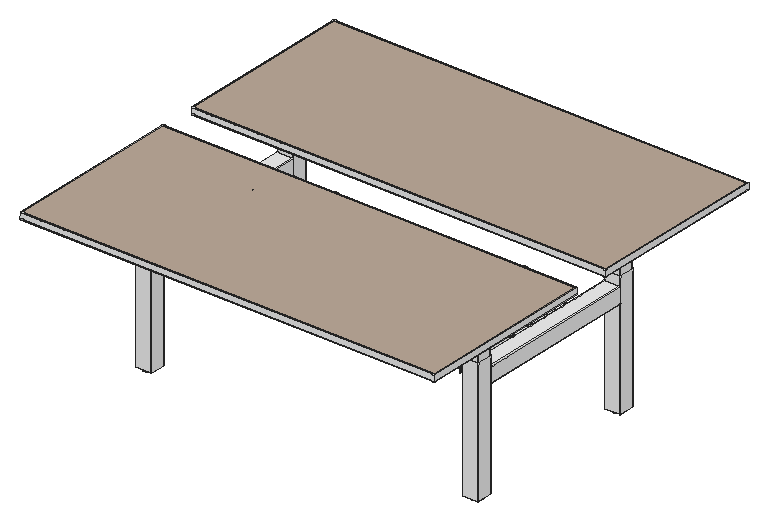
Revit family "T200023", category Furniture, Revit 2022
Family settings
  OmniClass Number = 23.40.20.00
  OmniClass Title = General Furniture and Specialties
  Work Plane-Based = No
  Always vertical = No
  Cut with Voids When Loaded = No
  Render Appearance Source = Family Geometry
  Shared = No
  Room Calculation Point = No
Parameters (values of type "T200023")
  URL = "https://ofs.com/"
  Manufacturer = "OFS"
  Description = "OFS TYPICAL T2000023"
  Default Elevation = 0"
  Copyright © = "©OFS 2021"
  Catalog = "https://ofs.com/2020-experience"
  Authoring Version = "Autodesk Revit Architecture 2015"
  Assembly Code = "E2020400"
Reference planes (in)
  plane 1 "Center Front/Back": y = 0
  plane 2: z = 0
  plane 3 "Center Left/Right": x = 0
Dimensions and locks (in)
  aligned and locked: level to plane 2
Nested families (in)
  nested 1: "OFS ELEMENT OPEN L DESK LEFT AND RIGHT 84in Width 60in Return" at (102, 18.84375, 84), type "ELEMENT OPEN L DESK LEFT RETURN 84in Width 60in Return"
    with Right Desk Ovelay no, Left Desk Overlay no, Desk Overlay Option yes
  nested 2: "STAKS BENCHING WIRE MANAGER BASKET Channel for Heavy Cabling" at (-26.94148, 9.01732, -1.10726) x (-1, 0, 0) z (0, 0, 1), type "STAKS BENCHING WIRE MANAGER BASKET Channel for Heavy Cabling 45in Width"
  nested 3: "OFS RANGE END CAP" at (-37.75, 0, 0) x (0, 1, 0) z (0, 0, 1), type "END CAP"
  nested 4: "OFS RANGE END CAP" at (37.75, 0, 0) x (0, -1, 0) z (0, 0, 1), type "END CAP"
  nested 5: "OFS RANGE HEIGHT ADJUSTABLE BENCH KIT" at (0, 12, 0), type "HEIGHT ADJUSTABLE BENCH KIT 72W"
    with Height 27 7/8"
  nested 6: "OFS RANGE CABLE CARRIER" at (0, 12, -23.375), type "CABLE CARRIER 72W"
  nested 7: "OFS RANGE 30D RECTANGULAR TOP" at (0, 33.0625, 0), type "30D RECTANGULAR TOP 70W"
  nested 8: "OFS RANGE 30D RECTANGULAR TOP" at (0, -3.0625, 0), type "30D RECTANGULAR TOP 70W"
  nested 9: "STAKS BENCHING WIRE MANAGER BASKET Channel for Heavy Cabling" at (-26.88954, -11.23152, -1.10776) x (-1, 0, 0) z (0, 0, 1), type "STAKS BENCHING WIRE MANAGER BASKET Channel for Heavy Cabling 45in Width"
Definition of nested family "STAKS BENCHING WIRE MANAGER BASKET Channel for Heavy Cabling"
  Parameters (values of type "STAKS BENCHING WIRE MANAGER BASKET Channel for Heavy Cabling 45in Width")
    URL = "http://www.ofs.com/"
    RIB L = 16
    Model = "WBT45H"
    Manufacturer = "OFS"
    Description = "OFS STAKS BENCHING WIRE MANAGER BASKET Channel for Heavy Cabling 45\" Width"
    Default Elevation = 0"
    Copyright © = "© 2018 OFS"
    Catalog = "https://ofs.com/products/open-plan/benching/staks"
    Basket Mount Material = none
    Basket Material = none
    BASKET WIDTH = 45 1/8"
    Authoring Version = "Autodesk Revit Architecture 2013"
    Assembly Code = "E2020200"
  Types (2): name | Model | Description | BASKET WIDTH
    STAKS BENCHING WIRE MANAGER BASKET Channel for Heavy Cabling 45in Width | "WBT45H" | "OFS STAKS BENCHING WIRE MANAGER BASKET Channel for Heavy Cabling 45\" Width" | 45 1/8"
    STAKS BENCHING WIRE MANAGER BASKET Channel for Heavy Cabling 57in Width | "WBT57H" | "OFS STAKS BENCHING WIRE MANAGER BASKET Channel for Heavy Cabling 57\" Width" | 57 1/8"
  Reference planes (in)
    plane 1: z = 0
    plane 2 "Center (Front/Back)": y = 20.00035
    plane 3 "RIB TOP": z = 18.4165
    plane 4 "CENTER LEFT/RIGHT": x = -26.90726
    plane 5: x = -4.34476
    plane 6 "LEFT": x = -49.46976
    plane 7: x = -4.42376
    plane 8: z = 20.9375
    plane 9: z = 16.7585
    plane 10: x = -49.39076
    plane 11: y = 21.35535
    plane 12: y = 18.64535
    plane 13: z = 18.3375
    plane 14: z = 17.5875
    plane 15: z = 16.9955
    plane 16: x = -26.90726
    plane 17: z = 16.9165
    plane 18: z = 16.729
    plane 19: x = -42.96976
    plane 20: z = 17.104
    plane 21: x = -10.84476
  Forms (in)
    Extrusion 1, solid, material <- "Basket Material"
      sketch origin (-48.09826, -5.263, -5.3325) x (0, 1, 0) y (0, 0, 1)
        loop
          circle (25.26335, 22.012) r 0.079
      from -1.3715 to 43.7535
    Extrusion 2, solid, material <- "Basket Material"
      sketch origin (-48.09826, -6.46899, -4.2499) x (0, 1, 0) y (0, 0, 1)
        loop
          circle (25.26335, 22.012) r 0.079
      from -1.3715 to 43.7535
    Extrusion 3, solid, material <- "Basket Material"
      sketch origin (-48.09826, 46.46969, -4.2499) x (0, -1, 0) y (0, 0, -1)
        loop
          circle (25.26335, -22.012) r 0.079
      from -1.3715 to 43.7535
    Extrusion 4, solid, not visible
      sketch origin (0, 0, 0) x (1, 0, 0) y (0, 1, 0)
        loop
          line (-43.07558, 21.13572) -> (-43.07558, 19.79197)
          arc (-43.07558, 19.79197) -> (-42.88767, 19.60407) -> (-42.69977, 19.79197) r 0.1879
          line (-42.69977, 19.79197) -> (-42.69977, 21.13572) -> (-43.07558, 21.13572)
      from 16.7585 to 20.9375
    Extrusion 5, void
      sketch origin (-49.46976, 0, 0) x (0, 1, 0) y (0, 0, 1)
        loop
          line (21.13572, 20.9375) -> (20.88572, 20.9375)
          arc (20.88572, 20.9375) -> (21.0625, 20.86428) -> (21.13572, 20.6875) r 0.25
          line (21.13572, 20.6875) -> (21.13572, 20.9375)
        loop
          line (21.13572, 16.7585) -> (21.13572, 17.0085)
          arc (21.13572, 17.0085) -> (21.0625, 16.83172) -> (20.88572, 16.7585) r 0.25
          line (20.88572, 16.7585) -> (21.13572, 16.7585)
      from 0 to 45.046
    Extrusion 6, solid, not visible
      sketch origin (-53.81451, 0, 0) x (-1, 0, 0) y (0, -1, 0)
        loop
          line (-43.07558, -21.13572) -> (-42.69977, -21.13572) -> (-42.69977, -19.79197)
          arc (-42.69977, -19.79197) -> (-42.88767, -19.60407) -> (-43.07558, -19.79197) r 0.1879
          line (-43.07558, -19.79197) -> (-43.07558, -21.13572)
      from 16.7585 to 20.9375
    Sweep 7, solid, material <- "Basket Mount Material"
      path in 3D
        loop
          line (-43.07558, 19.79197, 16.7585) -> (-43.07558, 20.88572, 16.7585)
          arc (-43.07558, 20.88572, 16.7585) -> (-43.07558, 21.0625, 16.83172) -> (-43.07558, 21.13572, 17.0085) r 0.25
          line (-43.07558, 21.13572, 17.0085) -> (-43.07558, 21.13572, 20.6875)
          arc (-43.07558, 21.13572, 20.6875) -> (-43.07558, 21.0625, 20.86428) -> (-43.07558, 20.88572, 20.9375) r 0.25
          line (-43.07558, 20.88572, 20.9375) -> (-43.07558, 19.79197, 20.9375)
          arc (-43.07558, 19.79197, 20.9375) -> (-42.88767, 19.60407, 20.9375) -> (-42.69977, 19.79197, 20.9375) r 0.1879
          line (-42.69977, 19.79197, 20.9375) -> (-42.69977, 20.88572, 20.9375)
          arc (-42.69977, 20.88572, 20.9375) -> (-42.69977, 21.0625, 20.86428) -> (-42.69977, 21.13572, 20.6875) r 0.25
          line (-42.69977, 21.13572, 20.6875) -> (-42.69977, 21.13572, 17.0085)
          arc (-42.69977, 21.13572, 17.0085) -> (-42.69977, 21.0625, 16.83172) -> (-42.69977, 20.88572, 16.7585) r 0.25
          line (-42.69977, 20.88572, 16.7585) -> (-42.69977, 19.79197, 16.7585)
      profile origin (-43.07558, 20.33885, 20.9375) x (1, 0, 0) y (0, 0, 1)
        loop
          circle (0, 0) r 0.07858
    Sweep 8, solid, material <- "Basket Mount Material"
      path in 3D
        loop
          line (-11.11475, 19.79197, 16.7585) -> (-11.11475, 20.88572, 16.7585)
          arc (-11.11475, 20.88572, 16.7585) -> (-11.11475, 21.0625, 16.83172) -> (-11.11475, 21.13572, 17.0085) r 0.25
          line (-11.11475, 21.13572, 17.0085) -> (-11.11475, 21.13572, 20.6875)
          arc (-11.11475, 21.13572, 20.6875) -> (-11.11475, 21.0625, 20.86428) -> (-11.11475, 20.88572, 20.9375) r 0.25
          line (-11.11475, 20.88572, 20.9375) -> (-11.11475, 19.79197, 20.9375)
          arc (-11.11475, 19.79197, 20.9375) -> (-10.92684, 19.60407, 20.9375) -> (-10.73894, 19.79197, 20.9375) r 0.1879
          line (-10.73894, 19.79197, 20.9375) -> (-10.73894, 20.88572, 20.9375)
          arc (-10.73894, 20.88572, 20.9375) -> (-10.73894, 21.0625, 20.86428) -> (-10.73894, 21.13572, 20.6875) r 0.25
          line (-10.73894, 21.13572, 20.6875) -> (-10.73894, 21.13572, 17.0085)
          arc (-10.73894, 21.13572, 17.0085) -> (-10.73894, 21.0625, 16.83172) -> (-10.73894, 20.88572, 16.7585) r 0.25
          line (-10.73894, 20.88572, 16.7585) -> (-10.73894, 19.79197, 16.7585)
      profile origin (-11.11475, 20.33885, 20.9375) x (1, 0, 0) y (0, 0, 1)
        loop
          circle (0, 0) r 0.07671
  Cuts and joins
    Extrusion 5 cuts Extrusion 4
    Extrusion 5 cuts Extrusion 6
  Lines and regions (in)
    Masking region 1
      outline origin (0, -0.14063, 0) x (1, 0, 0) y (0, 1, 0)
        loop
          line (-49.46976, 21.43435) -> (-49.46976, 21.27635) -> (-4.34476, 21.27635) -> (-4.34476, 21.43435) -> (-49.46976, 21.43435)
    Masking region 2
      outline origin (0, 40.14132, 0) x (0, -1, 0) y (1, 0, 0)
        loop
          line (21.43435, -49.46976) -> (21.43435, -4.34476) -> (21.27635, -4.34476) -> (21.27635, -49.46976) -> (21.43435, -49.46976)
    sketch lines
      curve 1: line (-43.07558, 20.88572, 20.9375) -> (-43.07558, 19.79197, 20.9375)
      curve 2: arc (-42.69977, 19.79197, 20.9375) -> (-42.88767, 19.60407, 20.9375) -> (-43.07558, 19.79197, 20.9375) r 0.1879
      curve 3: line (-42.69977, 19.79197, 20.9375) -> (-42.69977, 20.88572, 20.9375)
      curve 4: arc (-43.07558, 21.13572, 20.6875) -> (-43.07558, 21.0625, 20.86428) -> (-43.07558, 20.88572, 20.9375) r 0.25
      curve 5: line (-43.07558, 21.13572, 20.6875) -> (-43.07558, 21.13572, 17.0085)
      curve 6: arc (-42.69977, 20.88572, 20.9375) -> (-42.69977, 21.0625, 20.86428) -> (-42.69977, 21.13572, 20.6875) r 0.25
      curve 7: line (-42.69977, 21.13572, 20.6875) -> (-42.69977, 21.13572, 17.0085)
      curve 8: arc (-42.69977, 21.13572, 17.0085) -> (-42.69977, 21.0625, 16.83172) -> (-42.69977, 20.88572, 16.7585) r 0.25
      curve 9: line (-42.69977, 20.88572, 16.7585) -> (-42.69977, 19.79197, 16.7585)
      curve 10: arc (-43.07558, 20.88572, 16.7585) -> (-43.07558, 21.0625, 16.83172) -> (-43.07558, 21.13572, 17.0085) r 0.25
      curve 11: line (-43.07558, 19.79197, 16.7585) -> (-43.07558, 20.88572, 16.7585)
      curve 12: line (-11.11475, 20.88572, 20.9375) -> (-11.11475, 19.79197, 20.9375)
      curve 13: arc (-10.73894, 19.79197, 20.9375) -> (-10.92684, 19.60407, 20.9375) -> (-11.11475, 19.79197, 20.9375) r 0.1879
      curve 14: line (-10.73894, 19.79197, 20.9375) -> (-10.73894, 20.88572, 20.9375)
      curve 15: arc (-11.11475, 21.13572, 20.6875) -> (-11.11475, 21.0625, 20.86428) -> (-11.11475, 20.88572, 20.9375) r 0.25
      curve 16: line (-11.11475, 21.13572, 20.6875) -> (-11.11475, 21.13572, 17.0085)
      curve 17: arc (-10.73894, 20.88572, 20.9375) -> (-10.73894, 21.0625, 20.86428) -> (-10.73894, 21.13572, 20.6875) r 0.25
      curve 18: arc (-11.11475, 20.88572, 16.7585) -> (-11.11475, 21.0625, 16.83172) -> (-11.11475, 21.13572, 17.0085) r 0.25
      curve 19: line (-11.11475, 19.79197, 16.7585) -> (-11.11475, 20.88572, 16.7585)
      curve 20: line (-10.73894, 21.13572, 20.6875) -> (-10.73894, 21.13572, 17.0085)
      curve 21: arc (-10.73894, 21.13572, 17.0085) -> (-10.73894, 21.0625, 16.83172) -> (-10.73894, 20.88572, 16.7585) r 0.25
      curve 22: line (-10.73894, 20.88572, 16.7585) -> (-10.73894, 19.79197, 16.7585)
  Dimensions and locks (in)
    "BASKET WIDTH": plane 6 "LEFT" to plane 5
    locked: plane 7 to plane 5 at 0.079
    locked: plane 6 "LEFT" to plane 10 at 0.079
    equal spacing: group 1, group 2, group 3, group 4, group 5, group 6, group 7, group 8, group 9, group 10, group 11, group 12, group 13, group 14, group 15, group 16  (x3)
    nested 2 to nested 1 = 2.9978"
    equal spacing: plane 6 "LEFT", plane 16, plane 5
    locked: plane 6 "LEFT" to plane 19 at 6.5
    locked: plane 21 to plane 5 at 6.5
    aligned and locked: level to plane 1
    aligned and locked: plane 5 to Extrusion 1
    aligned and locked: plane 5 to Extrusion 2
    aligned and locked: Extrusion 1 to plane 6 "LEFT"
    aligned and locked: Extrusion 2 to plane 6 "LEFT"
    aligned and locked: plane 10 to nested 1
    aligned and locked: nested 1 to plane 9
    aligned and locked: plane 4 "CENTER LEFT/RIGHT" to plane 16
    aligned and locked: Extrusion 3 to plane 6 "LEFT"
    aligned and locked: plane 5 to Extrusion 3
    aligned and locked: plane 5 to nested 16
    aligned and locked: plane 6 "LEFT" to nested 1
    aligned and locked: Extrusion 4 to plane 8
    aligned and locked: plane 9 to Extrusion 4
    aligned and locked: plane 7 to Extrusion 5
    aligned and locked: Extrusion 5 to plane 6 "LEFT"
  Automatic sketch dimensions
    Extrusion 1 sketch curve to plane 2 "Center (Front/Back)" = 0"
    plane 18 to Extrusion 1 sketch curve = 0.0495"
    plane 12 to Extrusion 2 sketch curve = 0.14901"
    Extrusion 2 sketch curve to plane 14 = 0.1746"
    Masking region 1 sketch curve to plane 6 "LEFT" = 0"
    Masking region 1 sketch curve to plane 5 = 0"
    plane 11 to Masking region 1 sketch curve = 0.21962"
    plane 11 to Masking region 1 sketch curve = 0.06162"
    plane 11 to Extrusion 3 sketch curve = 0.14901"
    Extrusion 3 sketch curve to plane 14 = 0.1746"
    Masking region 2 sketch curve to plane 6 "LEFT" = 0"
    Masking region 2 sketch curve to plane 5 = 0"
    plane 12 to Masking region 2 sketch curve = 0.21962"
    plane 12 to Masking region 2 sketch curve = 0.06162"
    Extrusion 4 sketch curve to plane 19 = 0.10582"
    plane 2 "Center (Front/Back)" to Extrusion 4 sketch curve = 0.20837"
    plane 19 to Extrusion 4 sketch curve = 0.26999"
    plane 11 to Extrusion 4 sketch curve = 0.21962"
    plane 9 to Extrusion 5 sketch curve = 0"
    plane 8 to Extrusion 5 sketch curve = 0"
    plane 11 to Extrusion 5 sketch curve = 0.46962"
    Extrusion 5 sketch curve to plane 15 = 0.013"
    plane 11 to Extrusion 5 sketch curve = 0.21962"
    plane 8 to Extrusion 5 sketch curve = 1/4"
    Extrusion 5 sketch curve to Extrusion 5 sketch curve = 0"
    plane 21 to Extrusion 6 sketch curve = 0.10582"
    Extrusion 6 sketch curve to plane 2 "Center (Front/Back)" = 0.20837"
    Extrusion 6 sketch curve to plane 21 = 0.26999"
    Extrusion 6 sketch curve to plane 11 = 0.21962"
    profile plane to Sweep 7 sketch curve = 0"
    Sweep 7 sketch curve to profile plane = 0"
    profile plane to Sweep 8 sketch curve = 0"
    Sweep 8 sketch curve to profile plane = 0"
    radius of Extrusion 1 sketch curve = 0.079"
    radius of Extrusion 2 sketch curve = 0.079"
    radius of Extrusion 3 sketch curve = 0.079"
    radius of Sweep 7 sketch curve = 0.07858"
    radius of Sweep 8 sketch curve = 0.07671"
  Nested families (in)
    nested 1: "BASKET-RIB" at (-47.3715, 0, 16.7585), Ribs <- "Basket Material", type "BASKET-RIB"
      with Ribs none
    nested 2: "BASKET-RIB" at (-44.3737, 0, 16.7585), Ribs <- "Basket Material", type "BASKET-RIB"
      with Ribs none
    nested 3: "BASKET-RIB" at (-41.3759, 0, 16.7585), Ribs <- "Basket Material", type "BASKET-RIB"
      with Ribs none
    nested 4: "BASKET-RIB" at (-38.3781, 0, 16.7585), Ribs <- "Basket Material", type "BASKET-RIB"
      with Ribs none
    nested 5: "BASKET-RIB" at (-35.3803, 0, 16.7585), Ribs <- "Basket Material", type "BASKET-RIB"
      with Ribs none
    nested 6: "BASKET-RIB" at (-32.3825, 0, 16.7585), Ribs <- "Basket Material", type "BASKET-RIB"
      with Ribs none
    nested 7: "BASKET-RIB" at (-29.3847, 0, 16.7585), Ribs <- "Basket Material", type "BASKET-RIB"
      with Ribs none
    nested 8: "BASKET-RIB" at (-26.3869, 0, 16.7585), Ribs <- "Basket Material", type "BASKET-RIB"
      with Ribs none
    nested 9: "BASKET-RIB" at (-23.3891, 0, 16.7585), Ribs <- "Basket Material", type "BASKET-RIB"
      with Ribs none
    nested 10: "BASKET-RIB" at (-20.3913, 0, 16.7585), Ribs <- "Basket Material", type "BASKET-RIB"
      with Ribs none
    nested 11: "BASKET-RIB" at (-17.3935, 0, 16.7585), Ribs <- "Basket Material", type "BASKET-RIB"
      with Ribs none
    nested 12: "BASKET-RIB" at (-14.3957, 0, 16.7585), Ribs <- "Basket Material", type "BASKET-RIB"
      with Ribs none
    nested 13: "BASKET-RIB" at (-11.3979, 0, 16.7585), Ribs <- "Basket Material", type "BASKET-RIB"
      with Ribs none
    nested 14: "BASKET-RIB" at (-8.4001, 0, 16.7585), Ribs <- "Basket Material", type "BASKET-RIB"
      with Ribs none
    nested 15: "BASKET-RIB" at (-5.4023, 0, 16.7585), Ribs <- "Basket Material", type "BASKET-RIB"
      with Ribs none
    nested 16: "BASKET-RIB" at (-2.4045, 0, 16.7585), Ribs <- "Basket Material", type "BASKET-RIB"
      with Ribs none
  Definition of nested family "BASKET-RIB"
    Parameters
      URL = ""
      Ribs [instance] = none
      Model = ""
      Manufacturer = "FIRST OFFICE-STAKS"
      MANUFACTURERS' CODE = ""
      Description = "BASKET-RIB"
      Default Elevation = 0"
      CATALOG CODE = ""
      Assembly Code = ""
    Reference planes (in)
      plane 1: z = 0
      plane 2 "Center (Front/Back)": y = 20.00035
      plane 3 "RIB TOP": z = 1.07987
      plane 4 "CENTER LEFT/RIGHT": x = -2.01926
      plane 5: y = 26.00035
      plane 6: y = 14.00035
      plane 7: x = -1.94026
      plane 8: x = -2.09826
    Forms (in)
      Sweep 1, solid, material <- "Ribs"
        path origin (-2.01926, 0, 0) x (0, 1, 0) y (0, 0, 1)
          loop
            line (21.12586, 1.07987) -> (21.12586, 0.24)
            arc (21.12586, 0.24) -> (21.05557, 0.07029) -> (20.88586, 0) r 0.24
            line (20.88586, 0) -> (19.11483, 0)
            arc (19.11483, 0) -> (18.94513, 0.07029) -> (18.87483, 0.24) r 0.24
            line (18.87483, 0.24) -> (18.87483, 1.07987)
        profile origin (-2.01926, 20.00035, 0) x (0, 0, 1) y (-1, 0, 0)
          loop
            circle (0.079, 0) r 0.079
    Lines and regions (in)
      Masking region 1
        outline origin (0, 0, 0) x (1, 0, 0) y (0, 1, 0)
          loop
            circle (-2.01926, 18.95383) r 0.079
          loop
            circle (-2.01926, 21.04686) r 0.079
      Masking region 2
        outline origin (0, 0, 0) x (1, 0, 0) y (0, 1, 0)
          loop
            line (-2.09826, 21.04686) -> (-2.09826, 18.95383)
            arc (-2.09826, 18.95383) -> (-2.01926, 19.03283) -> (-1.94026, 18.95383) r 0.079
            line (-1.94026, 18.95383) -> (-1.94026, 21.04686)
            arc (-1.94026, 21.04686) -> (-2.01926, 20.96786) -> (-2.09826, 21.04686) r 0.079
    Dimensions and locks (in)
      plane 8 to plane 4 "CENTER LEFT/RIGHT" to plane 7 = 0.079" locked, 0.079" locked
      Sweep 1 sketch curve to plane 2 "Center (Front/Back)" = 1.12551"
      aligned and locked: level to plane 1
Definition of nested family "OFS RANGE END CAP"
  Parameters (values of type "END CAP")
    Width = 9"
    URL = "http://www.ofs.com/"
    Model = "HB-EC"
    Manufacturer = "CAROLINA"
    Height from Floor = 15"
    Height = 2"
    Profile Material = none
    Description = "OFS CAROLINA END CAP, for Cable Carrier"
    Depth = 1"
    Default Elevation = 0"
    Copyright © = "©OFS 2019"
    Catalog = "https://ofs.com/products/open-plan/benching/range"
    Authoring Version = "Autodesk Revit Architecture 2015"
    Assembly Code = "E2020200"
  Reference planes (in)
    plane 1 "Back": y = -11.5
    plane 2: z = 0
    plane 3 "Center Left/Right": x = 0
    plane 4 "Front": y = -12.5
    plane 5 "Left": x = -4.5
    plane 6 "Right": x = 4.5
    plane 7: z = 15
    plane 8: z = 17
    plane 9: y = -12
  Forms (in)
    Extrusion 1, solid, material <- "Profile Material"
      sketch origin (1, -13.68515, 0) x (0, -1, 0) y (1, 0, 0)
        loop
          line (-2.18515, 3.74409) -> (-2.18515, -5.74409)
          arc (-2.18515, -5.74409) -> (-2.12047, -5.80878) -> (-2.05578, -5.74409) r 0.06469
          line (-2.05578, -5.74409) -> (-2.05578, -5.45499)
          arc (-2.05578, -5.45499) -> (-2.05002, -5.44107) -> (-2.0361, -5.43531) r 0.01969
          line (-2.0361, -5.43531) -> (-1.31338, -5.43531) -> (-1.31338, -5.39031) -> (-2.0361, -5.39031)
          arc (-2.0361, -5.39031) -> (-2.08184, -5.40925) -> (-2.10078, -5.45499) r 0.06469
          line (-2.10078, -5.45499) -> (-2.10078, -5.74409)
          arc (-2.10078, -5.74409) -> (-2.12047, -5.76378) -> (-2.14015, -5.74409) r 0.01969
          line (-2.14015, -5.74409) -> (-2.14015, 3.74409)
          arc (-2.14015, 3.74409) -> (-2.12047, 3.76378) -> (-2.10078, 3.74409) r 0.01969
          line (-2.10078, 3.74409) -> (-2.10078, 3.45499)
          arc (-2.10078, 3.45499) -> (-2.08184, 3.40925) -> (-2.0361, 3.39031) r 0.06469
          line (-2.0361, 3.39031) -> (-1.31338, 3.39031) -> (-1.31338, 3.43531) -> (-2.0361, 3.43531)
          arc (-2.0361, 3.43531) -> (-2.05002, 3.44107) -> (-2.05578, 3.45499) r 0.01969
          line (-2.05578, 3.45499) -> (-2.05578, 3.74409)
          arc (-2.05578, 3.74409) -> (-2.12047, 3.80878) -> (-2.18515, 3.74409) r 0.06469
      from 15 to 17
    Extrusion 2, void
      sketch origin (0, 0, 0) x (0, 1, 0) y (0, 0, 1)
        loop
          line (-12.18427, 16.85665) -> (-11.64906, 16.85665) -> (-11.64906, 17.10665) -> (-12.64906, 17.10665) -> (-12.64906, 14.89335) -> (-11.64906, 14.89335) -> (-11.64906, 15.14335) -> (-12.18427, 15.14335)
          arc (-12.18427, 15.14335) -> (-12.31685, 15.19827) -> (-12.37177, 15.33085) r 0.1875
          line (-12.37177, 15.33085) -> (-12.37177, 16.66915)
          arc (-12.37177, 16.66915) -> (-12.31685, 16.80173) -> (-12.18427, 16.85665) r 0.1875
        loop
          circle (-12.03905, 15.42172) r 0.10313
      from -4.5 to 4.5
  Cuts and joins
    Extrusion 2 cuts Extrusion 1
  Dimensions and locks (in)
    "Depth": plane 4 "Front" to plane 1 "Back"
    equal spacing: plane 5 "Left", plane 3 "Center Left/Right", plane 6 "Right"
    "Width": plane 5 "Left" to plane 6 "Right"
    "Height from Floor": plane 7 to level
    "Height": plane 8 to plane 7
    equal spacing: plane 4 "Front", plane 9, plane 1 "Back"
    aligned and locked: level to plane 2
    aligned and locked: plane 8 to Extrusion 1
    aligned and locked: Extrusion 1 to plane 7
  Automatic sketch dimensions
    Extrusion 1 sketch curve to Extrusion 1 sketch curve = 0"  (x8)
    Extrusion 1 sketch curve to plane 4 "Front" = 1"
    Extrusion 1 sketch curve to Extrusion 1 sketch curve = 0.045"
    Extrusion 1 sketch curve to Extrusion 1 sketch curve = 0.01969"  (x4)
    Extrusion 1 sketch curve to Extrusion 1 sketch curve = 0.72272"  (x2)
    Extrusion 1 sketch curve to plane 5 "Left" = 0.24409"
    Extrusion 1 sketch curve to Extrusion 1 sketch curve = 0.2891"  (x2)
    plane 5 "Left" to Extrusion 1 sketch curve = 8.89031"
    plane 4 "Front" to Extrusion 2 sketch curve = 0.14906"
    Extrusion 2 sketch curve to plane 4 "Front" = 0.12823"
    Extrusion 2 sketch curve to plane 9 = 0.18427"  (x2)
    Extrusion 2 sketch curve to plane 9 = 5/128"
    plane 1 "Back" to Extrusion 2 sketch curve = 0.14906"  (x2)
    Extrusion 2 sketch curve to plane 7 = 0.10665"
    plane 7 to Extrusion 2 sketch curve = 0.14335"
    Extrusion 2 sketch curve to Extrusion 2 sketch curve = 0.09087"
    Extrusion 2 sketch curve to plane 8 = 0.33085"
    plane 8 to Extrusion 2 sketch curve = 0.10665"
    radius of Extrusion 2 sketch curve = 0.10313"
Definition of nested family "OFS RANGE HEIGHT ADJUSTABLE BENCH KIT"
  Parameters (values of type "HEIGHT ADJUSTABLE BENCH KIT 54W")
    Default Elevation = 0"
    Casters Material = none
    Width = 44"
    URL = "http://www.ofs.com/"
    Model = "HB-54HABK"
    Manufacturer = "CAROLINA"
    Height [instance] = 27 7/8"
    Structure Material = none
    Description = "OFS CAROLINA RANGE HEIGHT ADJUSTABLE BENCH KIT, 54\" Kit, Accommodates Two Users"
    Depth = 45 3/4"
    Copyright © = "©OFS 2019"
    Catalog = "https://ofs.com/products/open-plan/benching/range"
    Authoring Version = "Autodesk Revit Architecture 2015"
    Assembly Code = "E2020200"
  Types (5): name | Width | Model | Description
    (no name) | 44" | "HB-54HABK" | "OFS CAROLINA RANGE HEIGHT ADJUSTABLE BENCH KIT, 54\" Kit, Accommodates Two Users"
    HEIGHT ADJUSTABLE BENCH KIT 54W | 44" | "HB-54HABK" | "OFS CAROLINA RANGE HEIGHT ADJUSTABLE BENCH KIT, 54\" Kit, Accommodates Two Users"
    HEIGHT ADJUSTABLE BENCH KIT 60W | 50" | "HB-60HABK" | "OFS CAROLINA RANGE HEIGHT ADJUSTABLE BENCH KIT, 60\" Kit, Accommodates Two Users"
    HEIGHT ADJUSTABLE BENCH KIT 66W | 56" | "HB-66HABK" | "OFS CAROLINA RANGE HEIGHT ADJUSTABLE BENCH KIT, 66\" Kit, Accommodates Two Users"
    HEIGHT ADJUSTABLE BENCH KIT 72W | 62" | "HB-72HABK" | "OFS CAROLINA RANGE HEIGHT ADJUSTABLE BENCH KIT, 72\" Kit, Accommodates Two Users"
  Reference planes (in)
    plane 1 "Back": y = 10.875
    plane 2: z = 0
    plane 3 "Center Left/Right": x = 0
    plane 4 "Front": y = -34.875
    plane 5 "Left": x = -22
    plane 6 "Right": x = 22
    plane 7: z = 27.875
    plane 8: y = -12
    plane 9: z = 19.75
    plane 10: z = 17
    plane 11: z = 21.25
    plane 12: x = -20
    plane 13: x = 20
    plane 14: x = -17.25
    plane 15: x = 17.25
    plane 16: y = 4.375
    plane 17: y = 1.625
    plane 18: y = -28.375
    plane 19: y = -25.625
    plane 20: z = 0.375
    plane 21: x = -20.875
    plane 22: x = 20.875
    plane 23: y = -4.87622
    plane 24: y = -19.12378
    plane 25: z = 26.75
    plane 26: y = -23.9375
    plane 27: y = -25.125
    plane 28: y = -30.0625
    plane 29: y = -28.875
    plane 30: y = -0.0625
    plane 31: y = 1.125
    plane 32: y = 6.0625
    plane 33: y = 4.875
    plane 34: x = -0.5
    plane 35: x = 0.5
    plane 36: z = 25.5
    plane 37: z = 26
  Forms (in)
    Extrusion 1, solid, material <- "Structure Material"
      sketch origin (0, 0, 0) x (1, 0, 0) y (0, 1, 0)
        loop
          arc (-19.875, 4.375) -> (-19.96339, 4.33839) -> (-20, 4.25) r 0.125
          line (-20, 4.25) -> (-20, 1.75)
          arc (-20, 1.75) -> (-19.96339, 1.66161) -> (-19.875, 1.625) r 0.125
          line (-19.875, 1.625) -> (-17.375, 1.625)
          arc (-17.375, 1.625) -> (-17.28661, 1.66161) -> (-17.25, 1.75) r 0.125
          line (-17.25, 1.75) -> (-17.25, 4.25)
          arc (-17.25, 4.25) -> (-17.28661, 4.33839) -> (-17.375, 4.375) r 0.125
          line (-17.375, 4.375) -> (-19.875, 4.375)
        loop
          arc (17.375, 4.375) -> (17.28661, 4.33839) -> (17.25, 4.25) r 0.125
          line (17.25, 4.25) -> (17.25, 1.75)
          arc (17.25, 1.75) -> (17.28661, 1.66161) -> (17.375, 1.625) r 0.125
          line (17.375, 1.625) -> (19.875, 1.625)
          arc (19.875, 1.625) -> (19.96339, 1.66161) -> (20, 1.75) r 0.125
          line (20, 1.75) -> (20, 4.25)
          arc (20, 4.25) -> (19.96339, 4.33839) -> (19.875, 4.375) r 0.125
          line (19.875, 4.375) -> (17.375, 4.375)
        loop
          arc (19.875, -28.375) -> (19.96339, -28.33839) -> (20, -28.25) r 0.125
          line (20, -28.25) -> (20, -25.75)
          arc (20, -25.75) -> (19.96339, -25.66161) -> (19.875, -25.625) r 0.125
          line (19.875, -25.625) -> (17.375, -25.625)
          arc (17.375, -25.625) -> (17.28661, -25.66161) -> (17.25, -25.75) r 0.125
          line (17.25, -25.75) -> (17.25, -28.25)
          arc (17.25, -28.25) -> (17.28661, -28.33839) -> (17.375, -28.375) r 0.125
          line (17.375, -28.375) -> (19.875, -28.375)
        loop
          arc (-17.375, -28.375) -> (-17.28661, -28.33839) -> (-17.25, -28.25) r 0.125
          line (-17.25, -28.25) -> (-17.25, -25.75)
          arc (-17.25, -25.75) -> (-17.28661, -25.66161) -> (-17.375, -25.625) r 0.125
          line (-17.375, -25.625) -> (-19.875, -25.625)
          arc (-19.875, -25.625) -> (-19.96339, -25.66161) -> (-20, -25.75) r 0.125
          line (-20, -25.75) -> (-20, -28.25)
          arc (-20, -28.25) -> (-19.96339, -28.33839) -> (-19.875, -28.375) r 0.125
          line (-19.875, -28.375) -> (-17.375, -28.375)
      from 0.375 to 21.25
    Extrusion 2, solid, material <- "Structure Material"
      sketch origin (0, 10.875, 0) x (1, 0, 0) y (0, 0, 1)
        loop
          arc (-19.875, 19.75) -> (-19.96339, 19.71339) -> (-20, 19.625) r 0.125
          line (-20, 19.625) -> (-20, 17.125)
          arc (-20, 17.125) -> (-19.96339, 17.03661) -> (-19.875, 17) r 0.125
          line (-19.875, 17) -> (-17.375, 17)
          arc (-17.375, 17) -> (-17.28661, 17.03661) -> (-17.25, 17.125) r 0.125
          line (-17.25, 17.125) -> (-17.25, 19.625)
          arc (-17.25, 19.625) -> (-17.28661, 19.71339) -> (-17.375, 19.75) r 0.125
          line (-17.375, 19.75) -> (-19.875, 19.75)
        loop
          line (19.875, 19.75) -> (17.375, 19.75)
          arc (17.375, 19.75) -> (17.28661, 19.71339) -> (17.25, 19.625) r 0.125
          line (17.25, 19.625) -> (17.25, 17.125)
          arc (17.25, 17.125) -> (17.28661, 17.03661) -> (17.375, 17) r 0.125
          line (17.375, 17) -> (19.875, 17)
          arc (19.875, 17) -> (19.96339, 17.03661) -> (20, 17.125) r 0.125
          line (20, 17.125) -> (20, 19.625)
          arc (20, 19.625) -> (19.96339, 19.71339) -> (19.875, 19.75) r 0.125
      from 9.25 to 36.5
    Revolve 3, solid, material <- "Casters Material"
      sketch origin (0, 3, 0) x (1, 0, 0) y (0, 0, 1)
        loop
          line (-19.63403, 0.03937) -> (-18.625, 0.03937) -> (-18.625, 0.375) -> (-19.45473, 0.375) -> (-19.63403, 0.19569) -> (-19.63403, 0.03937)
        axis (-18.625, 0.375) -> (-18.625, 0.03937)
      angle from 0 to 360
    Revolve 4, solid, material <- "Casters Material"
      sketch origin (0, 3, 0) x (-1, 0, 0) y (0, 0, -1)
        loop
          line (-19.63403, -0.03937) -> (-19.63403, -0.19569) -> (-19.45473, -0.375) -> (-18.625, -0.375) -> (-18.625, -0.03937) -> (-19.63403, -0.03937)
        axis (-18.625, -0.375) -> (-18.625, -0.03937)
      angle from 0 to 360
    Revolve 5, solid, material <- "Casters Material"
      sketch origin (0, -27, 0) x (1, 0, 0) y (0, 0, -1)
        loop
          line (-19.63403, -0.03937) -> (-19.63403, -0.19569) -> (-19.45473, -0.375) -> (-18.625, -0.375) -> (-18.625, -0.03937) -> (-19.63403, -0.03937)
        axis (-18.625, -0.375) -> (-18.625, -0.03937)
      angle from 0 to 360
    Revolve 6, solid, material <- "Casters Material"
      sketch origin (0, -27, 0) x (-1, 0, 0) y (0, 0, 1)
        loop
          line (-19.63403, 0.03937) -> (-18.625, 0.03937) -> (-18.625, 0.375) -> (-19.45473, 0.375) -> (-19.63403, 0.19569) -> (-19.63403, 0.03937)
        axis (-18.625, 0.375) -> (-18.625, 0.03937)
      angle from 0 to 360
    Extrusion 7, solid, material <- "Structure Material"
      sketch origin (0, 10.875, 0) x (1, 0, 0) y (0, 0, 1)
        loop
          arc (-21.875, 27.875) -> (-21.96339, 27.83839) -> (-22, 27.75) r 0.125
          line (-22, 27.75) -> (-22, 26.875)
          arc (-22, 26.875) -> (-21.96339, 26.78661) -> (-21.875, 26.75) r 0.125
          line (-21.875, 26.75) -> (-21, 26.75)
          arc (-21, 26.75) -> (-20.91161, 26.78661) -> (-20.875, 26.875) r 0.125
          line (-20.875, 26.875) -> (-20.875, 27.75)
          arc (-20.875, 27.75) -> (-20.91161, 27.83839) -> (-21, 27.875) r 0.125
          line (-21, 27.875) -> (-21.875, 27.875)
        loop
          arc (21, 27.875) -> (20.91161, 27.83839) -> (20.875, 27.75) r 0.125
          line (20.875, 27.75) -> (20.875, 26.875)
          arc (20.875, 26.875) -> (20.91161, 26.78661) -> (21, 26.75) r 0.125
          line (21, 26.75) -> (21.875, 26.75)
          arc (21.875, 26.75) -> (21.96339, 26.78661) -> (22, 26.875) r 0.125
          line (22, 26.875) -> (22, 27.75)
          arc (22, 27.75) -> (21.96339, 27.83839) -> (21.875, 27.875) r 0.125
          line (21.875, 27.875) -> (21, 27.875)
      from 15.75122 to 0
    Extrusion 8, solid, material <- "Structure Material"
      sketch origin (0, 10.875, 0) x (1, 0, 0) y (0, 0, 1)
        loop
          line (21.875, 27.875) -> (21, 27.875)
          arc (21, 27.875) -> (20.91161, 27.83839) -> (20.875, 27.75) r 0.125
          line (20.875, 27.75) -> (20.875, 26.875)
          arc (20.875, 26.875) -> (20.91161, 26.78661) -> (21, 26.75) r 0.125
          line (21, 26.75) -> (21.875, 26.75)
          arc (21.875, 26.75) -> (21.96339, 26.78661) -> (22, 26.875) r 0.125
          line (22, 26.875) -> (22, 27.75)
          arc (22, 27.75) -> (21.96339, 27.83839) -> (21.875, 27.875) r 0.125
        loop
          arc (-21.875, 27.875) -> (-21.96339, 27.83839) -> (-22, 27.75) r 0.125
          line (-22, 27.75) -> (-22, 26.875)
          arc (-22, 26.875) -> (-21.96339, 26.78661) -> (-21.875, 26.75) r 0.125
          line (-21.875, 26.75) -> (-21, 26.75)
          arc (-21, 26.75) -> (-20.91161, 26.78661) -> (-20.875, 26.875) r 0.125
          line (-20.875, 26.875) -> (-20.875, 27.75)
          arc (-20.875, 27.75) -> (-20.91161, 27.83839) -> (-21, 27.875) r 0.125
          line (-21, 27.875) -> (-21.875, 27.875)
      from 29.99878 to 45.75
    Extrusion 9, solid, material <- "Structure Material"
      sketch origin (0, 0, 0) x (0, 1, 0) y (0, 0, 1)
        loop
          line (5.9375, 27.875) -> (5, 27.875)
          arc (5, 27.875) -> (4.91161, 27.83839) -> (4.875, 27.75) r 0.125
          line (4.875, 27.75) -> (4.875, 26.875)
          arc (4.875, 26.875) -> (4.91161, 26.78661) -> (5, 26.75) r 0.125
          line (5, 26.75) -> (5.9375, 26.75)
          arc (5.9375, 26.75) -> (6.02589, 26.78661) -> (6.0625, 26.875) r 0.125
          line (6.0625, 26.875) -> (6.0625, 27.75)
          arc (6.0625, 27.75) -> (6.02589, 27.83839) -> (5.9375, 27.875) r 0.125
        loop
          arc (0.0625, 27.875) -> (-0.02589, 27.83839) -> (-0.0625, 27.75) r 0.125
          line (-0.0625, 27.75) -> (-0.0625, 26.875)
          arc (-0.0625, 26.875) -> (-0.02589, 26.78661) -> (0.0625, 26.75) r 0.125
          line (0.0625, 26.75) -> (1, 26.75)
          arc (1, 26.75) -> (1.08839, 26.78661) -> (1.125, 26.875) r 0.125
          line (1.125, 26.875) -> (1.125, 27.75)
          arc (1.125, 27.75) -> (1.08839, 27.83839) -> (1, 27.875) r 0.125
          line (1, 27.875) -> (0.0625, 27.875)
        loop
          line (-24.0625, 27.875) -> (-25, 27.875)
          arc (-25, 27.875) -> (-25.08839, 27.83839) -> (-25.125, 27.75) r 0.125
          line (-25.125, 27.75) -> (-25.125, 26.875)
          arc (-25.125, 26.875) -> (-25.08839, 26.78661) -> (-25, 26.75) r 0.125
          line (-25, 26.75) -> (-24.0625, 26.75)
          arc (-24.0625, 26.75) -> (-23.97411, 26.78661) -> (-23.9375, 26.875) r 0.125
          line (-23.9375, 26.875) -> (-23.9375, 27.75)
          arc (-23.9375, 27.75) -> (-23.97411, 27.83839) -> (-24.0625, 27.875) r 0.125
        loop
          arc (-29.9375, 27.875) -> (-30.02589, 27.83839) -> (-30.0625, 27.75) r 0.125
          line (-30.0625, 27.75) -> (-30.0625, 26.875)
          arc (-30.0625, 26.875) -> (-30.02589, 26.78661) -> (-29.9375, 26.75) r 0.125
          line (-29.9375, 26.75) -> (-29, 26.75)
          arc (-29, 26.75) -> (-28.91161, 26.78661) -> (-28.875, 26.875) r 0.125
          line (-28.875, 26.875) -> (-28.875, 27.75)
          arc (-28.875, 27.75) -> (-28.91161, 27.83839) -> (-29, 27.875) r 0.125
          line (-29, 27.875) -> (-29.9375, 27.875)
      from -20.875 to -0.5
    Extrusion 10, solid, material <- "Structure Material"
      sketch origin (0, 0, 0) x (0, 1, 0) y (0, 0, 1)
        loop
          line (5.9375, 27.875) -> (5, 27.875)
          arc (5, 27.875) -> (4.91161, 27.83839) -> (4.875, 27.75) r 0.125
          line (4.875, 27.75) -> (4.875, 26.875)
          arc (4.875, 26.875) -> (4.91161, 26.78661) -> (5, 26.75) r 0.125
          line (5, 26.75) -> (5.9375, 26.75)
          arc (5.9375, 26.75) -> (6.02589, 26.78661) -> (6.0625, 26.875) r 0.125
          line (6.0625, 26.875) -> (6.0625, 27.75)
          arc (6.0625, 27.75) -> (6.02589, 27.83839) -> (5.9375, 27.875) r 0.125
        loop
          line (1, 27.875) -> (0.0625, 27.875)
          arc (0.0625, 27.875) -> (-0.02589, 27.83839) -> (-0.0625, 27.75) r 0.125
          line (-0.0625, 27.75) -> (-0.0625, 26.875)
          arc (-0.0625, 26.875) -> (-0.02589, 26.78661) -> (0.0625, 26.75) r 0.125
          line (0.0625, 26.75) -> (1, 26.75)
          arc (1, 26.75) -> (1.08839, 26.78661) -> (1.125, 26.875) r 0.125
          line (1.125, 26.875) -> (1.125, 27.75)
          arc (1.125, 27.75) -> (1.08839, 27.83839) -> (1, 27.875) r 0.125
        loop
          line (-29, 27.875) -> (-29.9375, 27.875)
          arc (-29.9375, 27.875) -> (-30.02589, 27.83839) -> (-30.0625, 27.75) r 0.125
          line (-30.0625, 27.75) -> (-30.0625, 26.875)
          arc (-30.0625, 26.875) -> (-30.02589, 26.78661) -> (-29.9375, 26.75) r 0.125
          line (-29.9375, 26.75) -> (-29, 26.75)
          arc (-29, 26.75) -> (-28.91161, 26.78661) -> (-28.875, 26.875) r 0.125
          line (-28.875, 26.875) -> (-28.875, 27.75)
          arc (-28.875, 27.75) -> (-28.91161, 27.83839) -> (-29, 27.875) r 0.125
        loop
          line (-24.0625, 27.875) -> (-25, 27.875)
          arc (-25, 27.875) -> (-25.08839, 27.83839) -> (-25.125, 27.75) r 0.125
          line (-25.125, 27.75) -> (-25.125, 26.875)
          arc (-25.125, 26.875) -> (-25.08839, 26.78661) -> (-25, 26.75) r 0.125
          line (-25, 26.75) -> (-24.0625, 26.75)
          arc (-24.0625, 26.75) -> (-23.97411, 26.78661) -> (-23.9375, 26.875) r 0.125
          line (-23.9375, 26.875) -> (-23.9375, 27.75)
          arc (-23.9375, 27.75) -> (-23.97411, 27.83839) -> (-24.0625, 27.875) r 0.125
      from 0.5 to 20.875
    Extrusion 11, solid, material <- "Structure Material"
      sketch origin (0, 0, 0) x (0, 1, 0) y (0, 0, 1)
        loop
          line (5.9375, 27.75) -> (5, 27.75) -> (5, 26.875) -> (5.9375, 26.875) -> (5.9375, 27.75)
        loop
          line (1, 27.75) -> (0.0625, 27.75) -> (0.0625, 26.875) -> (1, 26.875) -> (1, 27.75)
        loop
          line (-24.0625, 27.75) -> (-25, 27.75) -> (-25, 26.875) -> (-24.0625, 26.875) -> (-24.0625, 27.75)
        loop
          line (-29, 27.75) -> (-29.9375, 27.75) -> (-29.9375, 26.875) -> (-29, 26.875) -> (-29, 27.75)
      from -0.5 to 0.5
    Extrusion 12, solid, material <- "Structure Material"
      sketch origin (0, 0, 0) x (1, 0, 0) y (0, 1, 0)
        loop
          line (-20.5, 4.625) -> (-20.5, 1.375) -> (-16.75, 1.375) -> (-16.75, 4.625) -> (-20.5, 4.625)
        loop
          line (-20.5, -28.625) -> (-16.75, -28.625) -> (-16.75, -25.375) -> (-20.5, -25.375) -> (-20.5, -28.625)
        loop
          line (20.5, 4.625) -> (16.75, 4.625) -> (16.75, 1.375) -> (20.5, 1.375) -> (20.5, 4.625)
        loop
          line (20.5, -28.625) -> (20.5, -25.375) -> (16.75, -25.375) -> (16.75, -28.625) -> (20.5, -28.625)
      from 25.5 to 26
    Extrusion 13, solid, material <- "Structure Material"
      sketch origin (0, 0, 0) x (1, 0, 0) y (0, 1, 0)
        loop
          arc (-19.75, 4.25) -> (-19.83839, 4.21339) -> (-19.875, 4.125) r 0.125
          line (-19.875, 4.125) -> (-19.875, 1.875)
          arc (-19.875, 1.875) -> (-19.83839, 1.78661) -> (-19.75, 1.75) r 0.125
          line (-19.75, 1.75) -> (-17.5, 1.75)
          arc (-17.5, 1.75) -> (-17.41161, 1.78661) -> (-17.375, 1.875) r 0.125
          line (-17.375, 1.875) -> (-17.375, 4.125)
          arc (-17.375, 4.125) -> (-17.41161, 4.21339) -> (-17.5, 4.25) r 0.125
          line (-17.5, 4.25) -> (-19.75, 4.25)
        loop
          line (19.75, 4.25) -> (17.5, 4.25)
          arc (17.5, 4.25) -> (17.41161, 4.21339) -> (17.375, 4.125) r 0.125
          line (17.375, 4.125) -> (17.375, 1.875)
          arc (17.375, 1.875) -> (17.41161, 1.78661) -> (17.5, 1.75) r 0.125
          line (17.5, 1.75) -> (19.75, 1.75)
          arc (19.75, 1.75) -> (19.83839, 1.78661) -> (19.875, 1.875) r 0.125
          line (19.875, 1.875) -> (19.875, 4.125)
          arc (19.875, 4.125) -> (19.83839, 4.21339) -> (19.75, 4.25) r 0.125
        loop
          arc (19.75, -28.25) -> (19.83839, -28.21339) -> (19.875, -28.125) r 0.125
          line (19.875, -28.125) -> (19.875, -25.875)
          arc (19.875, -25.875) -> (19.83839, -25.78661) -> (19.75, -25.75) r 0.125
          line (19.75, -25.75) -> (17.5, -25.75)
          arc (17.5, -25.75) -> (17.41161, -25.78661) -> (17.375, -25.875) r 0.125
          line (17.375, -25.875) -> (17.375, -28.125)
          arc (17.375, -28.125) -> (17.41161, -28.21339) -> (17.5, -28.25) r 0.125
          line (17.5, -28.25) -> (19.75, -28.25)
        loop
          line (-19.75, -28.25) -> (-17.5, -28.25)
          arc (-17.5, -28.25) -> (-17.41161, -28.21339) -> (-17.375, -28.125) r 0.125
          line (-17.375, -28.125) -> (-17.375, -25.875)
          arc (-17.375, -25.875) -> (-17.41161, -25.78661) -> (-17.5, -25.75) r 0.125
          line (-17.5, -25.75) -> (-19.75, -25.75)
          arc (-19.75, -25.75) -> (-19.83839, -25.78661) -> (-19.875, -25.875) r 0.125
          line (-19.875, -25.875) -> (-19.875, -28.125)
          arc (-19.875, -28.125) -> (-19.83839, -28.21339) -> (-19.75, -28.25) r 0.125
      from 21.25 to 25.5
    Blend 14, solid, material <- "Structure Material"
      base sketch origin (0, 0, 0) x (1, 0, 0) y (0, 1, 0)
        loop
          arc (-12.71653, -28.875) -> (-12.15432, -27) -> (-12.71653, -25.125) r 3.40773
          line (-12.71653, -25.125) -> (-20.875, -25.125) -> (-20.875, -28.875) -> (-12.71653, -28.875)
      top sketch origin (0, 0, 0) x (1, 0, 0) y (0, 1, 0)
        loop
          line (-12.71653, -28.875) -> (-12.71653, -25.125) -> (-20.875, -25.125) -> (-20.875, -28.875) -> (-12.71653, -28.875)
      from 27.875 to 26
    Blend 15, solid, material <- "Structure Material"
      base sketch origin (0, 0, 0) x (-1, 0, 0) y (0, -1, 0)
        loop
          line (-12.71653, 28.875) -> (-20.875, 28.875) -> (-20.875, 25.125) -> (-12.71653, 25.125)
          arc (-12.71653, 25.125) -> (-12.15432, 27) -> (-12.71653, 28.875) r 3.40773
      top sketch origin (0, 0, 0) x (-1, 0, 0) y (0, -1, 0)
        loop
          line (-12.71653, 28.875) -> (-20.875, 28.875) -> (-20.875, 25.125) -> (-12.71653, 25.125) -> (-12.71653, 28.875)
      from 27.875 to 26
    Blend 16, solid, material <- "Structure Material"
      base sketch origin (0, -24, 0) x (1, 0, 0) y (0, 1, 0)
        loop
          line (-12.71653, 28.875) -> (-20.875, 28.875) -> (-20.875, 25.125) -> (-12.71653, 25.125)
          arc (-12.71653, 25.125) -> (-12.15432, 27) -> (-12.71653, 28.875) r 3.40773
      top sketch origin (0, -24, 0) x (1, 0, 0) y (0, 1, 0)
        loop
          line (-12.71653, 28.875) -> (-20.875, 28.875) -> (-20.875, 25.125) -> (-12.71653, 25.125) -> (-12.71653, 28.875)
      from 27.875 to 26
    Blend 17, solid, material <- "Structure Material"
      base sketch origin (0, -24, 0) x (-1, 0, 0) y (0, -1, 0)
        loop
          arc (-12.71653, -28.875) -> (-12.15432, -27) -> (-12.71653, -25.125) r 3.40773
          line (-12.71653, -25.125) -> (-20.875, -25.125) -> (-20.875, -28.875) -> (-12.71653, -28.875)
      top sketch origin (0, -24, 0) x (-1, 0, 0) y (0, -1, 0)
        loop
          line (-12.71653, -28.875) -> (-12.71653, -25.125) -> (-20.875, -25.125) -> (-20.875, -28.875) -> (-12.71653, -28.875)
      from 27.875 to 26
  Dimensions and locks (in)
    "Depth": plane 4 "Front" to plane 1 "Back"
    equal spacing: plane 5 "Left", plane 3 "Center Left/Right", plane 6 "Right"
    "Width": plane 5 "Left" to plane 6 "Right"
    "Height": plane 7 to level
    equal spacing: plane 4 "Front", plane 8, plane 1 "Back"
    plane 11 to plane 9 to plane 10 to level = 1 1/2" locked, 2 3/4" locked, 17" locked
    plane 5 "Left" to plane 12 to plane 14 = 2" locked, 2 3/4" locked
    plane 15 to plane 13 to plane 6 "Right" = 2 3/4" locked, 2" locked
    plane 1 "Back" to plane 16 to plane 17 = 6 1/2" locked, 2 3/4" locked
    plane 4 "Front" to plane 18 to plane 19 = 6 1/2" locked, 2 3/4" locked
    locked: plane 20 to level at 0.375
    locked: plane 5 "Left" to plane 21 at 1.125
    locked: plane 6 "Right" to plane 22 at 1.125
    plane 23 to plane 8 to plane 24 = 7.12378" locked, 7.12378" locked
    locked: plane 7 to plane 25 at 1.125
    plane 19 to plane 27 to plane 26 = 1/2" locked, 1 3/16" locked
    plane 18 to plane 29 to plane 28 = 1/2" locked, 1 3/16" locked
    plane 17 to plane 31 to plane 30 = 1/2" locked, 1 3/16" locked
    plane 16 to plane 33 to plane 32 = 1/2" locked, 1 3/16" locked
    locked: plane 5 "Left" to plane 34 at 21.5
    locked: plane 6 "Right" to plane 35 at 21.5
    plane 7 to plane 37 to plane 36 = 1 7/8" locked, 1/2" locked
    Blend 14 sketch curve to Blend 14 sketch curve = 8.72068"
    Blend 15 sketch curve to Blend 15 sketch curve = 8.72068"
    Blend 16 sketch curve to Blend 16 sketch curve = 8.72068"
    Blend 17 sketch curve to Blend 17 sketch curve = 8.72068"
    aligned and locked: level to plane 2
    aligned and locked: Extrusion 1 sketch curve to plane 16  (x2)
    aligned and locked: plane 12 to Extrusion 1 sketch curve  (x2)
    aligned and locked: plane 17 to Extrusion 1 sketch curve  (x2)
    aligned and locked: Extrusion 1 sketch curve to plane 14  (x2)
    aligned and locked: Extrusion 1 sketch curve to plane 15  (x2)
    aligned and locked: plane 13 to Extrusion 1 sketch curve  (x2)
    aligned and locked: Extrusion 1 sketch curve to plane 18  (x2)
    aligned and locked: plane 19 to Extrusion 1 sketch curve  (x2)
    aligned and locked: Extrusion 1 to plane 20
    aligned and locked: Extrusion 2 sketch curve to plane 9
    aligned and locked: plane 12 to Extrusion 2 sketch curve
    aligned and locked: plane 10 to Extrusion 2 sketch curve
    aligned and locked: Extrusion 2 sketch curve to plane 14
    aligned and locked: plane 9 to Extrusion 2 sketch curve
    aligned and locked: Extrusion 2 sketch curve to plane 13
    aligned and locked: Extrusion 2 sketch curve to plane 10
    aligned and locked: plane 15 to Extrusion 2 sketch curve
    aligned and locked: plane 19 to Extrusion 2
    aligned and locked: plane 17 to Extrusion 2
    aligned and locked: Extrusion 7 sketch curve to plane 7  (x2)
    aligned and locked: plane 5 "Left" to Extrusion 7 sketch curve
    aligned and locked: plane 25 to Extrusion 7 sketch curve  (x2)
    aligned and locked: Extrusion 7 sketch curve to plane 21
    aligned and locked: Extrusion 7 sketch curve to plane 22
    aligned and locked: plane 6 "Right" to Extrusion 7 sketch curve
    aligned and locked: plane 7 to Extrusion 8 sketch curve
    aligned and locked: Extrusion 8 sketch curve to plane 6 "Right"
    aligned and locked: Extrusion 8 sketch curve to plane 25
    aligned and locked: plane 22 to Extrusion 8 sketch curve
    aligned and locked: Extrusion 8 sketch curve to plane 7
    aligned and locked: plane 5 "Left" to Extrusion 8 sketch curve
    aligned and locked: Extrusion 8 sketch curve to plane 21
    aligned and locked: Extrusion 7 to plane 1 "Back"
    aligned and locked: plane 4 "Front" to Extrusion 8
    aligned and locked: Extrusion 8 to plane 24
    aligned and locked: Extrusion 7 to plane 23
    aligned and locked: plane 7 to Extrusion 9 sketch curve  (x2)
    aligned and locked: Extrusion 9 sketch curve to plane 32
    aligned and locked: Extrusion 9 sketch curve to plane 25  (x2)
    aligned and locked: plane 33 to Extrusion 9 sketch curve
    aligned and locked: Extrusion 9 sketch curve to plane 7  (x2)
    aligned and locked: plane 30 to Extrusion 9 sketch curve
    aligned and locked: plane 25 to Extrusion 9 sketch curve  (x2)
    aligned and locked: Extrusion 9 sketch curve to plane 31
    aligned and locked: Extrusion 9 sketch curve to plane 26
    aligned and locked: plane 27 to Extrusion 9 sketch curve
    aligned and locked: plane 28 to Extrusion 9 sketch curve
    aligned and locked: Extrusion 9 sketch curve to plane 29
    aligned and locked: Extrusion 9 to plane 21
    aligned and locked: plane 34 to Extrusion 9
    aligned and locked: plane 7 to Extrusion 10 sketch curve  (x4)
    aligned and locked: Extrusion 10 sketch curve to plane 32
    aligned and locked: Extrusion 10 sketch curve to plane 25  (x4)
    aligned and locked: plane 33 to Extrusion 10 sketch curve
    aligned and locked: plane 31 to Extrusion 10 sketch curve
    aligned and locked: Extrusion 10 sketch curve to plane 30
    aligned and locked: plane 29 to Extrusion 10 sketch curve
    aligned and locked: Extrusion 10 sketch curve to plane 28
    aligned and locked: Extrusion 10 sketch curve to plane 26
    aligned and locked: plane 27 to Extrusion 10 sketch curve
    aligned and locked: plane 35 to Extrusion 10
    aligned and locked: Extrusion 10 to plane 22
    aligned and locked: Extrusion 11 to plane 34
    aligned and locked: Extrusion 11 to plane 35
    aligned and locked: plane 11 to Extrusion 1
    aligned and locked: plane 36 to Extrusion 12
    aligned and locked: plane 37 to Extrusion 12
    aligned and locked: Extrusion 13 to plane 11
    aligned and locked: plane 36 to Extrusion 13
    aligned and locked: plane 29 to Blend 14 sketch curve  (x2)
    aligned and locked: plane 27 to Blend 14 sketch curve  (x2)
    aligned and locked: plane 21 to Blend 14 sketch curve
    aligned and locked: Blend 14 sketch curve to plane 21
    aligned and locked: Blend 14 to plane 37
    aligned and locked: plane 7 to Blend 14
    aligned and locked: plane 7 to Blend 15
    aligned and locked: plane 7 to Blend 17
    aligned and locked: plane 7 to Blend 16
    aligned and locked: Blend 16 to plane 37
    aligned and locked: Blend 15 to plane 37
    aligned and locked: Blend 17 to plane 37
  Automatic sketch dimensions
    plane 12 to Extrusion 1 sketch curve = 1/8"  (x4)
    Extrusion 1 sketch curve to Extrusion 1 sketch curve = 1/8"  (x3)
    Extrusion 1 sketch curve to plane 14 = 1/8"  (x2)
    Extrusion 1 sketch curve to plane 15 = 1/8"  (x3)
    plane 13 to Extrusion 1 sketch curve = 1/8"  (x4)
    plane 12 to Extrusion 2 sketch curve = 1/8"
    Extrusion 2 sketch curve to plane 9 = 1/8"  (x3)
    Extrusion 2 sketch curve to Extrusion 2 sketch curve = 1/8"
    Extrusion 2 sketch curve to plane 15 = 1/8"  (x2)
    plane 13 to Extrusion 2 sketch curve = 1/8"
    Revolve 3 sketch curve to plane 20 = 0"
    level to Revolve 3 sketch curve = 0.03937"
    plane 12 to Revolve 3 sketch curve = 0.36597"
    Revolve 3 sketch curve to Revolve 3 sketch curve = 0.17931"
    Revolve 3 sketch curve to Revolve 3 sketch curve = 0.82973"
    Revolve 3 sketch curve to Revolve 3 sketch curve = 0.15632"
    Revolve 3 sketch curve to Revolve 3 sketch curve = 0"  (x2)
    Revolve 3 sketch curve to level = 1.46063"
    Revolve 4 sketch curve to plane 20 = 0"
    level to Revolve 4 sketch curve = 0.03937"
    plane 13 to Revolve 4 sketch curve = 0.36597"
    Revolve 4 sketch curve to Revolve 4 sketch curve = 0.17931"
    Revolve 4 sketch curve to Revolve 4 sketch curve = 0.82973"
    Revolve 4 sketch curve to Revolve 4 sketch curve = 0.15632"
    Revolve 4 sketch curve to Revolve 4 sketch curve = 0"  (x2)
    Revolve 4 sketch curve to level = 1.46063"
    Revolve 5 sketch curve to plane 20 = 0"
    level to Revolve 5 sketch curve = 0.03937"
    plane 12 to Revolve 5 sketch curve = 0.36597"
    Revolve 5 sketch curve to Revolve 5 sketch curve = 0.17931"
    Revolve 5 sketch curve to Revolve 5 sketch curve = 0.82973"
    Revolve 5 sketch curve to Revolve 5 sketch curve = 0.15632"
    Revolve 5 sketch curve to Revolve 5 sketch curve = 0"  (x2)
    Revolve 5 sketch curve to level = 1.46063"
    Revolve 6 sketch curve to plane 20 = 0"
    level to Revolve 6 sketch curve = 0.03937"
    plane 13 to Revolve 6 sketch curve = 0.36597"
    Revolve 6 sketch curve to Revolve 6 sketch curve = 0.17931"
    Revolve 6 sketch curve to Revolve 6 sketch curve = 0.82973"
    Revolve 6 sketch curve to Revolve 6 sketch curve = 0.15632"
    Revolve 6 sketch curve to Revolve 6 sketch curve = 0"  (x2)
    Revolve 6 sketch curve to level = 1.46063"
    plane 5 "Left" to Extrusion 7 sketch curve = 1/8"  (x2)
    Extrusion 7 sketch curve to plane 21 = 1/8"
    Extrusion 7 sketch curve to Extrusion 7 sketch curve = 1/8"
    Extrusion 7 sketch curve to plane 22 = 1/8"
    Extrusion 7 sketch curve to plane 7 = 1/8"
    plane 6 "Right" to Extrusion 7 sketch curve = 1/8"  (x2)
    Extrusion 8 sketch curve to plane 25 = 0"
    plane 5 "Left" to Extrusion 8 sketch curve = 1/8"  (x2)
    Extrusion 8 sketch curve to plane 21 = 1/8"
    Extrusion 8 sketch curve to Extrusion 8 sketch curve = 1/8"  (x2)
    Extrusion 8 sketch curve to plane 22 = 1/8"
    plane 6 "Right" to Extrusion 8 sketch curve = 1/8"  (x2)
    plane 25 to Extrusion 9 sketch curve = 1/8"  (x7)
    Extrusion 9 sketch curve to Extrusion 9 sketch curve = 1/8"  (x5)
    Extrusion 9 sketch curve to plane 29 = 1/8"
    Extrusion 9 sketch curve to plane 27 = 1/8"
    plane 26 to Extrusion 9 sketch curve = 1/8"
    Extrusion 9 sketch curve to plane 31 = 1/8"
    plane 28 to Extrusion 10 sketch curve = 1/8"
    Extrusion 10 sketch curve to Extrusion 10 sketch curve = 1/8"  (x8)
    Extrusion 10 sketch curve to plane 29 = 1/8"
    plane 25 to Extrusion 10 sketch curve = 1/8"  (x3)
    plane 30 to Extrusion 10 sketch curve = 1/8"
    Extrusion 10 sketch curve to plane 33 = 1/8"
    plane 32 to Extrusion 10 sketch curve = 1/8"
    plane 28 to Extrusion 11 sketch curve = 1/8"
    Extrusion 11 sketch curve to plane 29 = 1/8"
    Extrusion 11 sketch curve to plane 27 = 1/8"
    plane 26 to Extrusion 11 sketch curve = 1/8"
    plane 30 to Extrusion 11 sketch curve = 1/8"
    Extrusion 11 sketch curve to plane 31 = 1/8"
    Extrusion 11 sketch curve to plane 33 = 1/8"
    plane 32 to Extrusion 11 sketch curve = 1/8"
    plane 25 to Extrusion 11 sketch curve = 1/8"  (x4)
    Extrusion 11 sketch curve to plane 7 = 1/8"  (x4)
    plane 21 to Extrusion 12 sketch curve = 3/8"  (x2)
    plane 14 to Extrusion 12 sketch curve = 1/2"  (x2)
    plane 15 to Extrusion 12 sketch curve = 1/2"  (x2)
    plane 22 to Extrusion 12 sketch curve = 3/8"  (x2)
    plane 18 to Extrusion 12 sketch curve = 1/4"  (x2)
    Extrusion 12 sketch curve to plane 19 = 1/4"  (x2)
    Extrusion 12 sketch curve to plane 17 = 1/4"  (x2)
    plane 16 to Extrusion 12 sketch curve = 1/4"  (x2)
    plane 12 to Extrusion 13 sketch curve = 1/8"  (x2)
    Extrusion 13 sketch curve to Extrusion 13 sketch curve = 1/8"  (x10)
    plane 17 to Extrusion 13 sketch curve = 1/8"  (x2)
    plane 19 to Extrusion 13 sketch curve = 1/8"
    Extrusion 13 sketch curve to plane 14 = 1/4"  (x4)
    Extrusion 13 sketch curve to plane 14 = 1/8"
    Extrusion 13 sketch curve to plane 15 = 1/8"  (x2)
    plane 13 to Extrusion 13 sketch curve = 1/4"  (x4)
    plane 13 to Extrusion 13 sketch curve = 1/8"
    Extrusion 13 sketch curve to plane 18 = 1/4"  (x2)
    plane 19 to Extrusion 13 sketch curve = 1/4"
    Extrusion 13 sketch curve to plane 16 = 1/4"  (x2)
    plane 14 to Blend 14 sketch curve = 1.68794"
    Blend 14 sketch curve to Blend 14 sketch curve = 2.84553"
    plane 14 to Blend 14 sketch curve = 4.53347"
    Blend 15 sketch curve to plane 22 = 0"  (x2)
    Blend 15 sketch curve to plane 29 = 0"  (x2)
    plane 27 to Blend 15 sketch curve = 0"  (x2)
    Blend 15 sketch curve to plane 15 = 1.68794"
    Blend 15 sketch curve to Blend 15 sketch curve = 2.84553"
    Blend 15 sketch curve to plane 15 = 4.53347"
    Blend 16 sketch curve to plane 21 = 0"  (x2)
    plane 33 to Blend 16 sketch curve = 0"  (x2)
    Blend 16 sketch curve to plane 31 = 0"  (x2)
    Blend 16 sketch curve to plane 14 = 1.68794"
    Blend 16 sketch curve to Blend 16 sketch curve = 2.84553"
    Blend 16 sketch curve to plane 14 = 4.53347"
    Blend 17 sketch curve to plane 22 = 0"  (x2)
    plane 33 to Blend 17 sketch curve = 0"  (x2)
    Blend 17 sketch curve to plane 31 = 0"  (x2)
    plane 15 to Blend 17 sketch curve = 1.68794"
    Blend 17 sketch curve to Blend 17 sketch curve = 2.84553"
    plane 15 to Blend 17 sketch curve = 4.53347"
Definition of nested family "OFS RANGE CABLE CARRIER"
  Parameters (values of type "CABLE CARRIER 72W")
    Width = 52 1/2"
    URL = "http://www.ofs.com/"
    Model = "HB-72CC"
    Manufacturer = "CAROLINA"
    Height from Floor = 38 3/8"
    Height = 4 3/4"
    Profile Material = none
    Description = "OFS CAROLINA CABLE CARRIER, Use with 72\" Bench Kit"
    Depth = 9 1/2"
    Default Elevation = 0"
    Copyright © = "©OFS 2019"
    Catalog = "https://ofs.com/products/open-plan/benching/range"
    Authoring Version = "Autodesk Revit Architecture 2015"
    Assembly Code = "E2020200"
  Types (5): name | Width | Model | Description
    (no name) | 52 1/2" | "HB-72CC" | "OFS CAROLINA CABLE CARRIER, Use with 72\" Bench Kit"
    CABLE CARRIER 54W | 34 1/2" | "HB-54CC" | "OFS CAROLINA CABLE CARRIER, Use with 54\" Bench Kit"
    CABLE CARRIER 60W | 40 1/2" | "HB-60CC" | "OFS CAROLINA CABLE CARRIER, Use with 60\" Bench Kit"
    CABLE CARRIER 66W | 46 1/2" | "HB-66CC" | "OFS CAROLINA CABLE CARRIER, Use with 66\" Bench Kit"
    CABLE CARRIER 72W | 52 1/2" | "HB-72CC" | "OFS CAROLINA CABLE CARRIER, Use with 72\" Bench Kit"
  Reference planes (in)
    plane 1 "Back": y = -7.25
    plane 2: z = 0
    plane 3 "Center Left/Right": x = 0
    plane 4 "Front": y = -16.75
    plane 5 "Left": x = -26.25
    plane 6 "Right": x = 26.25
    plane 7: z = 38.375
    plane 8: z = 43.125
    plane 9: y = -12
    plane 10: x = -26
    plane 11: x = 26
